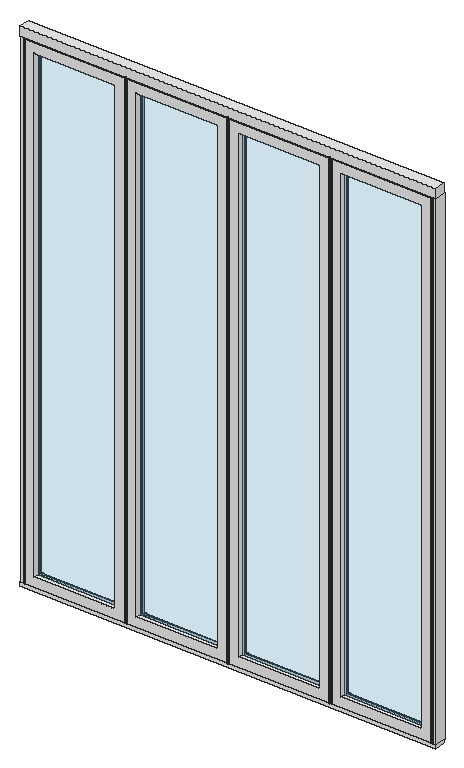
Revit family "98134", category Windows, host Wall, Revit 2018 (continued)
Definition of nested family "Sill_SL-70"
  Definition of nested family "Detail Item_Sill_SL-70"
    Lines and regions (mm)
      model lines, in view "Ref. Level", visible <- "Half"
        curve 925: line (14.131, 89.5, 0) -> (14.131, 90.6, 0)
        curve 926: line (14.131, 90.6, 0) -> (14.131, 89.5, 0)
        curve 927: line (15.131, 89.7, 0) -> (15.131, 90.9, 0)
        curve 928: line (15.131, 90.9, 0) -> (15.131, 89.7, 0)
        curve 929: line (15.131, 89.7, 0) -> (15.131, 90.9, 0)
        curve 930: line (15.131, 90.9, 0) -> (15.131, 89.7, 0)
        curve 931: line (15.131, 90.9, 0) -> (14.431, 90.9, 0)
        curve 932: line (14.431, 90.9, 0) -> (15.131, 90.9, 0)
        curve 933: line (15.131, 90.9, 0) -> (14.431, 90.9, 0)
        curve 934: line (14.431, 90.9, 0) -> (15.131, 90.9, 0)
        curve 935: line (15.131, 98, 0) -> (15.131, 99.1, 0)
        curve 936: line (15.131, 99.1, 0) -> (15.131, 98, 0)
        curve 937: line (15.131, 98, 0) -> (15.131, 99.1, 0)
        curve 938: line (15.131, 99.1, 0) -> (17.131, 99.1, 0)
        curve 939: line (17.131, 99.1, 0) -> (15.131, 99.1, 0)
        curve 940: line (15.131, 99.1, 0) -> (17.131, 99.1, 0)
        curve 941: line (17.131, 99.1, 0) -> (15.131, 99.1, 0)
        curve 942: line (15.131, 99.1, 0) -> (15.131, 98, 0)
        curve 943: line (15.131, 98, 0) -> (14.431, 98, 0)
        curve 944: line (14.431, 98, 0) -> (15.131, 98, 0)
        curve 945: line (15.131, 98, 0) -> (14.431, 98, 0)
        curve 946: line (14.431, 98, 0) -> (15.131, 98, 0)
        curve 947: line (24.131, 99.1, 0) -> (18.331, 99.1, 0)
        curve 948: line (18.331, 99.1, 0) -> (18.331, 89.7, 0)
        curve 949: line (18.331, 89.7, 0) -> (18.331, 99.1, 0)
        curve 950: line (18.331, 99.1, 0) -> (18.331, 89.7, 0)
        curve 951: line (18.331, 89.7, 0) -> (18.331, 99.1, 0)
        curve 952: line (18.331, 99.1, 0) -> (24.131, 99.1, 0)
        curve 953: line (24.131, 99.1, 0) -> (18.331, 99.1, 0)
        curve 954: line (18.331, 99.1, 0) -> (24.131, 99.1, 0)
        curve 955: line (35.731, 99.1, 0) -> (25.331, 99.1, 0)
        curve 956: line (25.331, 99.1, 0) -> (25.331, 77.7, 0)
        curve 957: line (25.331, 77.7, 0) -> (25.331, 99.1, 0)
        curve 958: line (25.331, 99.1, 0) -> (25.331, 77.7, 0)
        curve 959: line (25.331, 77.7, 0) -> (25.331, 99.1, 0)
        curve 960: line (25.331, 99.1, 0) -> (35.731, 99.1, 0)
        curve 961: line (35.731, 99.1, 0) -> (25.331, 99.1, 0)
        curve 962: line (25.331, 99.1, 0) -> (35.731, 99.1, 0)
        curve 963: line (24.131, 82.707, 0) -> (24.131, 99.1, 0)
        curve 964: line (24.131, 99.1, 0) -> (24.131, 82.707, 0)
        curve 965: line (24.131, 82.707, 0) -> (24.131, 99.1, 0)
        curve 966: line (24.131, 99.1, 0) -> (24.131, 82.707, 0)
        curve 967: line (32.331, 82.1, 0) -> (35.731, 82.1, 0)
        curve 968: line (35.731, 82.1, 0) -> (35.731, 99.1, 0)
        curve 969: line (35.731, 99.1, 0) -> (35.731, 82.1, 0)
        curve 970: line (35.731, 82.1, 0) -> (35.731, 99.1, 0)
        curve 971: line (35.731, 99.1, 0) -> (35.731, 82.1, 0)
        curve 972: line (35.731, 82.1, 0) -> (32.331, 82.1, 0)
        curve 973: line (32.331, 82.1, 0) -> (35.731, 82.1, 0)
        curve 974: line (35.731, 82.1, 0) -> (32.331, 82.1, 0)
        curve 975: line (35.931, 80.5, 0) -> (35.931, 80.9, 0)
        curve 976: line (35.931, 80.9, 0) -> (32.131, 80.9, 0)
        curve 977: line (32.131, 80.9, 0) -> (35.931, 80.9, 0)
        curve 978: line (35.931, 80.9, 0) -> (32.131, 80.9, 0)
        curve 979: line (32.131, 80.9, 0) -> (35.931, 80.9, 0)
        curve 980: line (35.931, 80.9, 0) -> (35.931, 80.5, 0)
        curve 981: line (35.931, 80.5, 0) -> (35.931, 80.9, 0)
        curve 982: line (35.931, 80.9, 0) -> (35.931, 80.5, 0)
        curve 983: line (23.806, 77.45, 0) -> (23.171, 78.55, 0)
        curve 984: line (23.171, 78.55, 0) -> (23.806, 77.45, 0)
        curve 985: line (23.806, 77.45, 0) -> (23.171, 78.55, 0)
        curve 986: line (23.171, 78.55, 0) -> (23.806, 77.45, 0)
        curve 987: line (24.831, 77.2, 0) -> (24.239, 77.2, 0)
        curve 988: line (24.239, 77.2, 0) -> (24.831, 77.2, 0)
        curve 989: line (24.831, 77.2, 0) -> (24.239, 77.2, 0)
        curve 990: line (24.239, 77.2, 0) -> (24.831, 77.2, 0)
        curve 991: line (23.431, 79, 0) -> (23.831, 79, 0)
        curve 992: line (23.831, 79, 0) -> (23.431, 79, 0)
        curve 993: line (23.431, 79, 0) -> (23.831, 79, 0)
        curve 994: line (23.831, 79, 0) -> (23.431, 79, 0)
        curve 995: line (23.831, 78.7, 0) -> (24.331, 78.7, 0)
        curve 996: line (24.331, 78.7, 0) -> (24.331, 80.9, 0)
        curve 997: line (24.331, 80.9, 0) -> (24.331, 78.7, 0)
        curve 998: line (24.331, 78.7, 0) -> (24.331, 80.9, 0)
        curve 999: line (24.331, 80.9, 0) -> (23.531, 80.9, 0)
        curve 1000: line (23.531, 80.9, 0) -> (24.331, 80.9, 0)
        curve 1001: line (24.331, 80.9, 0) -> (23.531, 80.9, 0)
        curve 1002: line (23.531, 80.9, 0) -> (24.331, 80.9, 0)
        curve 1003: line (24.331, 80.9, 0) -> (24.331, 78.7, 0)
        curve 1004: line (24.331, 78.7, 0) -> (23.831, 78.7, 0)
        curve 1005: line (23.831, 78.7, 0) -> (24.331, 78.7, 0)
        curve 1006: line (24.331, 78.7, 0) -> (23.831, 78.7, 0)
        curve 1007: line (23.531, 80.9, 0) -> (23.531, 81.693, 0)
        curve 1008: line (23.531, 81.693, 0) -> (23.531, 80.9, 0)
        curve 1009: line (23.531, 80.9, 0) -> (23.531, 81.693, 0)
        curve 1010: line (23.531, 81.693, 0) -> (23.531, 80.9, 0)
        curve 1011: line (23.831, 79, 0) -> (23.831, 78.7, 0)
        curve 1012: line (23.831, 78.7, 0) -> (23.831, 79, 0)
        curve 1013: line (23.831, 79, 0) -> (23.831, 78.7, 0)
        curve 1014: line (23.831, 78.7, 0) -> (23.831, 79, 0)
        curve 1015: line (31.131, 77.6, 0) -> (31.131, 80.9, 0)
        curve 1016: line (31.131, 80.9, 0) -> (31.131, 77.6, 0)
        curve 1017: line (31.131, 77.6, 0) -> (31.131, 80.9, 0)
        curve 1018: line (31.131, 80.9, 0) -> (31.131, 77.6, 0)
        curve 1019: line (32.389, 77.893, 0) -> (31.814, 77.317, 0)
        curve 1020: line (31.814, 77.317, 0) -> (32.389, 77.893, 0)
        curve 1021: line (32.389, 77.893, 0) -> (31.814, 77.317, 0)
        curve 1022: line (31.814, 77.317, 0) -> (32.389, 77.893, 0)
        curve 1023: line (32.131, 80.9, 0) -> (32.131, 78.434, 0)
        curve 1024: line (32.131, 78.434, 0) -> (32.131, 80.9, 0)
        curve 1025: line (32.131, 80.9, 0) -> (32.131, 78.434, 0)
        curve 1026: line (32.131, 78.434, 0) -> (32.131, 80.9, 0)
        curve 1027: line (32.131, 78.434, 0) -> (32.389, 78.176, 0)
        curve 1028: line (32.389, 78.176, 0) -> (32.131, 78.434, 0)
        curve 1029: line (32.131, 78.434, 0) -> (32.389, 78.176, 0)
        curve 1030: line (32.389, 78.176, 0) -> (32.131, 78.434, 0)
        curve 1031: line (23.677, 82.046, 0) -> (23.984, 82.354, 0)
        curve 1032: line (23.984, 82.354, 0) -> (23.677, 82.046, 0)
        curve 1033: line (23.677, 82.046, 0) -> (23.984, 82.354, 0)
        curve 1034: line (23.984, 82.354, 0) -> (23.677, 82.046, 0)
        curve 1035: line (22.893, 48.604, 0) -> (35.311, 48.604, 0)
        curve 1036: line (35.311, 48.604, 0) -> (35.311, 61.856, 0)
        curve 1037: line (34.322, 61.856, 0) -> (33.632, 62.192, 0)
        curve 1038: line (33.632, 62.192, 0) -> (33.323, 62.89, 0)
        curve 1039: line (33.323, 62.89, 0) -> (33.323, 63.611, 0)
        curve 1040: line (33.323, 63.611, 0) -> (35.284, 63.63, 0)
        curve 1041: line (35.284, 63.63, 0) -> (35.284, 73.872, 0)
        curve 1042: line (35.284, 73.872, 0) -> (9.565, 73.872, 0)
        curve 1043: line (9.565, 73.872, 0) -> (9.565, 63.644, 0)
        curve 1044: line (9.565, 63.644, 0) -> (16.139, 63.644, 0)
        curve 1045: line (22.893, 48.604, 0) -> (22.893, 55.588, 0)
        curve 1046: line (17.84, 57.304, 0) -> (21.163, 57.304, 0)
        curve 1047: line (17.84, 57.304, 0) -> (17.84, 61.938, 0)
        curve 1048: line (7.617, 65.207, 0) -> (7.617, 71.568, 0)
        curve 1049: line (7.617, 71.568, 0) -> (7.475, 71.955, 0)
        curve 1050: line (7.475, 71.955, 0) -> (7.126, 72.097, 0)
        curve 1051: line (7.126, 72.097, 0) -> (6.8, 72.093, 0)
        curve 1052: line (6.8, 72.093, 0) -> (5.995, 72.327, 0)
        curve 1053: line (5.995, 72.327, 0) -> (5.347, 72.966, 0)
        curve 1054: line (5.347, 72.966, 0) -> (5.131, 73.809, 0)
        curve 1055: line (5.131, 73.809, 0) -> (5.137, 74.877, 0)
        curve 1056: line (5.226, 75.049, 0) -> (6.884, 74.096, 0)
        curve 1057: line (6.884, 74.096, 0) -> (7.632, 74.101, 0)
        curve 1058: line (7.632, 74.101, 0) -> (7.604, 78.872, 0)
        curve 1059: line (7.604, 78.872, 0) -> (7.248, 78.803, 0)
        curve 1060: line (7.248, 78.803, 0) -> (6.837, 78.401, 0)
        curve 1061: line (6.837, 78.401, 0) -> (5.252, 77.455, 0)
        curve 1062: line (-13.598, 78.904, 0) -> (-13.993, 77.454, 0)
        curve 1063: line (-13.993, 77.454, 0) -> (-15.484, 78.325, 0)
        curve 1064: line (-15.484, 78.325, 0) -> (-15.965, 78.788, 0)
        curve 1065: line (-15.965, 78.788, 0) -> (-16.382, 78.886, 0)
        curve 1066: line (-16.382, 78.886, 0) -> (-16.373, 74.096, 0)
        curve 1067: line (-16.373, 74.096, 0) -> (-15.62, 74.096, 0)
        curve 1068: line (-15.62, 74.096, 0) -> (-13.969, 75.045, 0)
        curve 1069: line (-13.969, 75.045, 0) -> (-13.865, 74.868, 0)
        curve 1070: line (-13.865, 74.868, 0) -> (-13.833, 73.784, 0)
        curve 1071: line (-13.833, 73.784, 0) -> (-14.102, 72.979, 0)
        curve 1072: line (-14.102, 72.979, 0) -> (-14.756, 72.29, 0)
        curve 1073: line (-14.756, 72.29, 0) -> (-15.575, 72.097, 0)
        curve 1074: line (-16.358, 71.593, 0) -> (-16.358, 64.489, 0)
        curve 1075: line (-18.427, 73.851, 0) -> (-31.063, 73.851, 0)
        curve 1076: line (-31.063, 73.851, 0) -> (-31.063, 63.67, 0)
        curve 1077: line (-31.063, 63.67, 0) -> (-18.427, 63.67, 0)
        curve 1078: line (-18.427, 63.67, 0) -> (-18.427, 73.851, 0)
      model lines, in view "Ref. Level"
        curve 3: arc (-16.092, 44.068, 0) -> (-16.369, 40, 0) -> (-16.092, 35.932, 0) r 30
        curve 4: arc (3.354, 35.932, 0) -> (3.631, 40, 0) -> (3.354, 44.068, 0) r 30
        curve 5: arc (2.858, 35.5, 0) -> (3.187, 35.623, 0) -> (3.354, 35.932, 0) r 0.5
        curve 6: arc (-16.092, 35.932, 0) -> (-15.926, 35.623, 0) -> (-15.597, 35.5, 0) r 0.5
        curve 7: arc (3.354, 44.068, 0) -> (3.187, 44.377, 0) -> (2.858, 44.5, 0) r 0.5
        curve 11: arc (-15.597, 44.5, 0) -> (-15.926, 44.377, 0) -> (-16.092, 44.068, 0) r 0.5
        curve 31: line (2.858, 35.5, 0) -> (-15.597, 35.5, 0)
        curve 32: line (2.858, 44.5, 0) -> (-15.597, 44.5, 0)
        curve 40: arc (26.381, 34, 0) -> (26.027, 33.854, 0) -> (25.881, 33.5, 0) r 0.5
        curve 41: arc (30.881, 33.5, 0) -> (30.734, 33.854, 0) -> (30.381, 34, 0) r 0.5
        curve 42: arc (-25.169, 16.528, 0) -> (-24.861, 16.066, 0) -> (-24.316, 16.175, 0) r 0.5
        curve 43: arc (-21.809, 16.561, 0) -> (-22.869, 17, 0) -> (-23.93, 16.561, 0) r 1.5
        curve 44: arc (-19.569, 10.7, 0) -> (-18.869, 10, 0) -> (-18.169, 10.7, 0) r 0.7
        curve 45: arc (-25.169, 21.7, 0) -> (-24.045, 22.101, 0) -> (-23.569, 23.197, 0) r 1.5
        curve 46: arc (-21.554, 40, 0) -> (-21.753, 39.925, 0) -> (-21.852, 39.737, 0) r 0.3
        curve 47: arc (-19.886, 39.737, 0) -> (-19.986, 39.925, 0) -> (-20.184, 40, 0) r 0.3
        curve 48: arc (-16.369, 45.1, 0) -> (-17.269, 46, 0) -> (-18.169, 45.1, 0) r 0.9
        curve 49: arc (-12.797, 24.371, 0) -> (-12.883, 24.804, 0) -> (-13.28, 25, 0) r 0.5
        curve 50: arc (-13.669, 22.088, 0) -> (-13.493, 22.076, 0) -> (-13.376, 22.209, 0) r 0.2
        curve 51: arc (-16.069, 23.473, 0) -> (-16.269, 23.473, 0) -> (-16.369, 23.3, 0) r 0.2
        curve 52: arc (-16.369, 18.7, 0) -> (-16.269, 18.527, 0) -> (-16.069, 18.527, 0) r 0.2
        curve 53: arc (-13.369, 19.739, 0) -> (-13.469, 19.912, 0) -> (-13.669, 19.912, 0) r 0.2
        curve 54: arc (-13.869, 17.488, 0) -> (-13.503, 17.854, 0) -> (-13.369, 18.354, 0) r 1
        curve 55: arc (-13.369, 7.446, 0) -> (-13.503, 7.946, 0) -> (-13.869, 8.312, 0) r 1
        curve 56: arc (-13.669, 5.888, 0) -> (-13.469, 5.888, 0) -> (-13.369, 6.061, 0) r 0.2
        curve 57: arc (-16.069, 7.273, 0) -> (-16.269, 7.273, 0) -> (-16.369, 7.1, 0) r 0.2
        curve 58: arc (-16.369, 2.5, 0) -> (-16.269, 2.327, 0) -> (-16.069, 2.327, 0) r 0.2
        curve 59: arc (-13.376, 3.591, 0) -> (-13.493, 3.724, 0) -> (-13.669, 3.712, 0) r 0.2
        curve 60: arc (-13.28, 0.8, 0) -> (-12.883, 0.996, 0) -> (-12.797, 1.429, 0) r 0.5
        curve 61: arc (-17.169, 0, 0) -> (-16.604, 0.234, 0) -> (-16.369, 0.8, 0) r 0.8
        curve 62: arc (-21.811, 11.724, 0) -> (-21.869, 11.583, 0) -> (-21.811, 11.441, 0) r 0.2
        curve 63: arc (-23.928, 11.441, 0) -> (-23.869, 11.583, 0) -> (-23.928, 11.724, 0) r 0.2
        curve 64: arc (-37.869, 65, 0) -> (-41.405, 63.536, 0) -> (-42.869, 60, 0) r 5
        curve 65: arc (-34.869, 62.8, 0) -> (-34.516, 62.946, 0) -> (-34.369, 63.3, 0) r 0.5
        curve 66: arc (-34.369, 59.2, 0) -> (-34.516, 59.554, 0) -> (-34.869, 59.7, 0) r 0.5
        curve 67: arc (-35.369, 57.5, 0) -> (-34.662, 57.793, 0) -> (-34.369, 58.5, 0) r 1
        curve 68: arc (-38.169, 59, 0) -> (-37.73, 57.939, 0) -> (-36.669, 57.5, 0) r 1.5
        curve 69: arc (-38.169, 62.985, 0) -> (-40.094, 62.012, 0) -> (-40.869, 60, 0) r 3
        curve 70: arc (-39.169, 48.7, 0) -> (-38.109, 49.139, 0) -> (-37.669, 50.2, 0) r 1.5
        curve 71: arc (-24.369, 49, 0) -> (-25.076, 48.707, 0) -> (-25.369, 48, 0) r 1
        curve 72: arc (-23.369, 48.7, 0) -> (-23.457, 48.912, 0) -> (-23.669, 49, 0) r 0.3
        curve 73: arc (-23.569, 47.8, 0) -> (-23.424, 47.91, 0) -> (-23.369, 48.083, 0) r 0.3
        curve 74: arc (7.446, 40, 0) -> (7.247, 39.925, 0) -> (7.148, 39.737, 0) r 0.3
        curve 76: arc (0.541, 25, 0) -> (0.145, 24.804, 0) -> (0.058, 24.371, 0) r 0.5
        curve 77: arc (0.638, 22.209, 0) -> (0.754, 22.076, 0) -> (0.931, 22.088, 0) r 0.2
        curve 78: arc (3.631, 23.3, 0) -> (3.531, 23.473, 0) -> (3.331, 23.473, 0) r 0.2
        curve 79: arc (3.331, 18.527, 0) -> (3.531, 18.527, 0) -> (3.631, 18.7, 0) r 0.2
        curve 80: arc (0.931, 19.912, 0) -> (0.731, 19.912, 0) -> (0.631, 19.739, 0) r 0.2
        curve 81: arc (0.631, 18.354, 0) -> (0.765, 17.854, 0) -> (1.131, 17.488, 0) r 1
        curve 82: arc (1.131, 8.312, 0) -> (0.765, 7.946, 0) -> (0.631, 7.446, 0) r 1
        curve 83: arc (0.631, 6.061, 0) -> (0.731, 5.888, 0) -> (0.931, 5.888, 0) r 0.2
        curve 84: arc (3.631, 7.1, 0) -> (3.531, 7.273, 0) -> (3.331, 7.273, 0) r 0.2
        curve 85: arc (3.331, 2.327, 0) -> (3.531, 2.327, 0) -> (3.631, 2.5, 0) r 0.2
        curve 86: arc (0.931, 3.712, 0) -> (0.754, 3.724, 0) -> (0.638, 3.591, 0) r 0.2
        curve 87: arc (0.058, 1.429, 0) -> (0.145, 0.996, 0) -> (0.541, 0.8, 0) r 0.5
        curve 88: arc (3.631, 0.8, 0) -> (3.865, 0.234, 0) -> (4.431, 0, 0) r 0.8
        curve 89: arc (12.631, 48, 0) -> (12.338, 48.707, 0) -> (11.631, 49, 0) r 1
        curve 90: arc (10.931, 49, 0) -> (10.719, 48.912, 0) -> (10.631, 48.7, 0) r 0.3
        curve 91: arc (10.631, 48.083, 0) -> (10.686, 47.91, 0) -> (10.831, 47.8, 0) r 0.3
        curve 92: arc (9.114, 39.737, 0) -> (9.014, 39.925, 0) -> (8.816, 40, 0) r 0.3
        curve 93: arc (-13, 3.55, 0) -> (-13.183, 3.733, 0) -> (-13.433, 3.8, 0) r 0.5
        curve 94: arc (0.695, 3.8, 0) -> (0.445, 3.733, 0) -> (0.262, 3.55, 0) r 0.5
        curve 95: arc (-10.503, 3.025, 0) -> (-10.137, 2.659, 0) -> (-9.637, 2.525, 0) r 1
        curve 96: arc (-3.101, 2.525, 0) -> (-2.601, 2.659, 0) -> (-2.235, 3.025, 0) r 1
        curve 97: arc (3.431, 2.675, 0) -> (3.572, 2.734, 0) -> (3.631, 2.875, 0) r 0.2
        curve 98: arc (3.631, 6.725, 0) -> (3.572, 6.866, 0) -> (3.431, 6.925, 0) r 0.2
        curve 99: arc (-0.056, 5.8, 0) -> (-0.556, 5.666, 0) -> (-0.922, 5.3, 0) r 1
        curve 100: arc (-11.817, 5.3, 0) -> (-12.183, 5.666, 0) -> (-12.683, 5.8, 0) r 1
        curve 101: arc (-16.169, 6.925, 0) -> (-16.311, 6.866, 0) -> (-16.369, 6.725, 0) r 0.2
        curve 102: arc (-16.369, 2.875, 0) -> (-16.311, 2.734, 0) -> (-16.169, 2.675, 0) r 0.2
        curve 103: arc (-1.658, 0.725, 0) -> (-1.408, 0.792, 0) -> (-1.225, 0.975, 0) r 0.5
        curve 104: arc (-11.514, 0.975, 0) -> (-11.331, 0.792, 0) -> (-11.081, 0.725, 0) r 0.5
        curve 105: arc (0.262, 22.25, 0) -> (0.445, 22.067, 0) -> (0.695, 22, 0) r 0.5
        curve 106: arc (-13.433, 22, 0) -> (-13.183, 22.067, 0) -> (-13, 22.25, 0) r 0.5
        curve 107: arc (-2.235, 22.775, 0) -> (-2.601, 23.141, 0) -> (-3.101, 23.275, 0) r 1
        curve 108: arc (-9.637, 23.275, 0) -> (-10.137, 23.141, 0) -> (-10.503, 22.775, 0) r 1
        curve 109: arc (-16.169, 23.125, 0) -> (-16.311, 23.066, 0) -> (-16.369, 22.925, 0) r 0.2
        curve 110: arc (-16.369, 19.075, 0) -> (-16.311, 18.934, 0) -> (-16.169, 18.875, 0) r 0.2
        curve 111: arc (-12.683, 20, 0) -> (-12.183, 20.134, 0) -> (-11.817, 20.5, 0) r 1
        curve 112: arc (-0.922, 20.5, 0) -> (-0.556, 20.134, 0) -> (-0.056, 20, 0) r 1
        curve 113: arc (3.431, 18.875, 0) -> (3.572, 18.934, 0) -> (3.631, 19.075, 0) r 0.2
        curve 114: arc (3.631, 22.925, 0) -> (3.572, 23.066, 0) -> (3.431, 23.125, 0) r 0.2
        curve 115: arc (-11.081, 25.075, 0) -> (-11.331, 25.008, 0) -> (-11.514, 24.825, 0) r 0.5
        curve 116: arc (-1.225, 24.825, 0) -> (-1.408, 25.008, 0) -> (-1.658, 25.075, 0) r 0.5
        curve 141: arc (12.631, 48, 0) -> (12.338, 48.707, 0) -> (11.631, 49, 0) r 1
        curve 142: arc (10.931, 49, 0) -> (10.719, 48.912, 0) -> (10.631, 48.7, 0) r 0.3
        curve 143: arc (10.631, 48.083, 0) -> (10.686, 47.91, 0) -> (10.831, 47.8, 0) r 0.3
        curve 178: arc (-13, 3.55, 0) -> (-13.183, 3.733, 0) -> (-13.433, 3.8, 0) r 0.5
        curve 179: arc (0.695, 3.8, 0) -> (0.445, 3.733, 0) -> (0.262, 3.55, 0) r 0.5
        curve 180: arc (-10.503, 3.025, 0) -> (-10.137, 2.659, 0) -> (-9.637, 2.525, 0) r 1
        curve 181: arc (-3.101, 2.525, 0) -> (-2.601, 2.659, 0) -> (-2.235, 3.025, 0) r 1
        curve 182: arc (3.431, 2.675, 0) -> (3.572, 2.734, 0) -> (3.631, 2.875, 0) r 0.2
        curve 183: arc (3.631, 6.725, 0) -> (3.572, 6.866, 0) -> (3.431, 6.925, 0) r 0.2
        curve 184: arc (-0.056, 5.8, 0) -> (-0.556, 5.666, 0) -> (-0.922, 5.3, 0) r 1
        curve 185: arc (-11.817, 5.3, 0) -> (-12.183, 5.666, 0) -> (-12.683, 5.8, 0) r 1
        curve 186: arc (-16.169, 6.925, 0) -> (-16.311, 6.866, 0) -> (-16.369, 6.725, 0) r 0.2
        curve 187: arc (-16.369, 2.875, 0) -> (-16.311, 2.734, 0) -> (-16.169, 2.675, 0) r 0.2
        curve 188: arc (-1.658, 0.725, 0) -> (-1.408, 0.792, 0) -> (-1.225, 0.975, 0) r 0.5
        curve 189: arc (-11.514, 0.975, 0) -> (-11.331, 0.792, 0) -> (-11.081, 0.725, 0) r 0.5
        curve 190: arc (0.262, 22.25, 0) -> (0.445, 22.067, 0) -> (0.695, 22, 0) r 0.5
        curve 191: arc (-13.433, 22, 0) -> (-13.183, 22.067, 0) -> (-13, 22.25, 0) r 0.5
        curve 192: arc (-2.235, 22.775, 0) -> (-2.601, 23.141, 0) -> (-3.101, 23.275, 0) r 1
        curve 193: arc (-9.637, 23.275, 0) -> (-10.137, 23.141, 0) -> (-10.503, 22.775, 0) r 1
        curve 194: arc (-16.169, 23.125, 0) -> (-16.311, 23.066, 0) -> (-16.369, 22.925, 0) r 0.2
        curve 195: arc (-16.369, 19.075, 0) -> (-16.311, 18.934, 0) -> (-16.169, 18.875, 0) r 0.2
        curve 196: arc (-12.683, 20, 0) -> (-12.183, 20.134, 0) -> (-11.817, 20.5, 0) r 1
        curve 197: arc (-0.922, 20.5, 0) -> (-0.556, 20.134, 0) -> (-0.056, 20, 0) r 1
        curve 198: arc (3.431, 18.875, 0) -> (3.572, 18.934, 0) -> (3.631, 19.075, 0) r 0.2
        curve 199: arc (3.631, 22.925, 0) -> (3.572, 23.066, 0) -> (3.431, 23.125, 0) r 0.2
        curve 200: arc (-11.081, 25.075, 0) -> (-11.331, 25.008, 0) -> (-11.514, 24.825, 0) r 0.5
        curve 201: arc (-1.225, 24.825, 0) -> (-1.408, 25.008, 0) -> (-1.658, 25.075, 0) r 0.5
        curve 202: arc (20.931, 23.2, 0) -> (19.87, 22.761, 0) -> (19.431, 21.7, 0) r 1.5
        curve 203: arc (22.931, 22.2, 0) -> (22.638, 22.907, 0) -> (21.931, 23.2, 0) r 1
        curve 204: arc (34.131, 23.2, 0) -> (33.424, 22.907, 0) -> (33.131, 22.2, 0) r 1
        curve 205: arc (20.831, 30, 0) -> (21.358, 28.727, 0) -> (22.631, 28.2, 0) r 1.8
        curve 206: arc (10.831, 35, 0) -> (11.358, 33.727, 0) -> (12.631, 33.2, 0) r 1.8
        curve 207: arc (18.191, 16.561, 0) -> (17.131, 17, 0) -> (16.07, 16.561, 0) r 1.5
        curve 208: arc (18.577, 16.175, 0) -> (19.122, 16.066, 0) -> (19.431, 16.528, 0) r 0.5
        curve 209: arc (9.114, 39.737, 0) -> (9.014, 39.925, 0) -> (8.816, 40, 0) r 0.3
        curve 210: arc (7.446, 40, 0) -> (7.247, 39.925, 0) -> (7.148, 39.737, 0) r 0.3
        curve 211: arc (5.431, 45.1, 0) -> (4.531, 46, 0) -> (3.631, 45.1, 0) r 0.9
        curve 212: arc (0.541, 25, 0) -> (0.145, 24.804, 0) -> (0.058, 24.371, 0) r 0.5
        curve 213: arc (0.638, 22.209, 0) -> (0.754, 22.076, 0) -> (0.931, 22.088, 0) r 0.2
        curve 214: arc (3.631, 23.3, 0) -> (3.531, 23.473, 0) -> (3.331, 23.473, 0) r 0.2
        curve 215: arc (3.331, 18.527, 0) -> (3.531, 18.527, 0) -> (3.631, 18.7, 0) r 0.2
        curve 216: arc (0.931, 19.912, 0) -> (0.731, 19.912, 0) -> (0.631, 19.739, 0) r 0.2
        curve 217: arc (0.631, 18.354, 0) -> (0.765, 17.854, 0) -> (1.131, 17.488, 0) r 1
        curve 218: arc (1.131, 8.312, 0) -> (0.765, 7.946, 0) -> (0.631, 7.446, 0) r 1
        curve 219: arc (0.631, 6.061, 0) -> (0.731, 5.888, 0) -> (0.931, 5.888, 0) r 0.2
        curve 220: arc (3.631, 7.1, 0) -> (3.531, 7.273, 0) -> (3.331, 7.273, 0) r 0.2
        curve 221: arc (3.331, 2.327, 0) -> (3.531, 2.327, 0) -> (3.631, 2.5, 0) r 0.2
        curve 222: arc (0.931, 3.712, 0) -> (0.754, 3.724, 0) -> (0.638, 3.591, 0) r 0.2
        curve 223: arc (0.058, 1.429, 0) -> (0.145, 0.996, 0) -> (0.541, 0.8, 0) r 0.5
        curve 224: arc (3.631, 0.8, 0) -> (3.865, 0.234, 0) -> (4.431, 0, 0) r 0.8
        curve 225: arc (16.072, 11.441, 0) -> (16.131, 11.583, 0) -> (16.072, 11.724, 0) r 0.2
        curve 226: arc (18.189, 11.724, 0) -> (18.131, 11.583, 0) -> (18.189, 11.441, 0) r 0.2
        curve 227: arc (12.631, 48, 0) -> (12.338, 48.707, 0) -> (11.631, 49, 0) r 1
        curve 228: arc (10.931, 49, 0) -> (10.719, 48.912, 0) -> (10.631, 48.7, 0) r 0.3
        curve 229: arc (10.631, 48.083, 0) -> (10.686, 47.91, 0) -> (10.831, 47.8, 0) r 0.3
        curve 230: arc (10.631, 48.083, 0) -> (10.686, 47.91, 0) -> (10.831, 47.8, 0) r 0.3
        curve 231: arc (10.931, 49, 0) -> (10.719, 48.912, 0) -> (10.631, 48.7, 0) r 0.3
        curve 232: arc (12.631, 48, 0) -> (12.338, 48.707, 0) -> (11.631, 49, 0) r 1
        curve 322: line (32.881, 33.5, 0) -> (31.971, 31, 0)
        curve 323: line (31.971, 31, 0) -> (24.791, 31, 0)
        curve 324: line (24.791, 31, 0) -> (23.881, 33.5, 0)
        curve 325: line (23.881, 33.5, 0) -> (24.713, 33.5, 0)
        curve 326: line (24.713, 33.5, 0) -> (24.311, 35, 0)
        curve 327: line (24.311, 35, 0) -> (32.451, 35, 0)
        curve 328: line (32.451, 35, 0) -> (32.049, 33.5, 0)
        curve 329: line (32.049, 33.5, 0) -> (32.881, 33.5, 0)
        curve 330: line (30.881, 33.5, 0) -> (30.881, 32, 0)
        curve 331: line (30.881, 32, 0) -> (25.881, 32, 0)
        curve 332: line (25.881, 32, 0) -> (25.881, 33.5, 0)
        curve 333: line (26.381, 34, 0) -> (30.381, 34, 0)
        curve 344: line (-13.28, 0.8, 0) -> (-16.369, 0.8, 0)
        curve 345: line (-17.169, 0, 0) -> (-19.769, 0, 0)
        curve 346: line (-19.769, 0, 0) -> (-21.069, 1.3, 0)
        curve 347: line (-21.069, 1.3, 0) -> (-21.069, 2.254, 0)
        curve 348: line (-21.069, 2.254, 0) -> (-20.469, 2.6, 0)
        curve 349: line (-20.469, 2.6, 0) -> (-21.069, 2.946, 0)
        curve 350: line (-21.069, 2.946, 0) -> (-21.069, 3.854, 0)
        curve 351: line (-21.069, 3.854, 0) -> (-20.469, 4.2, 0)
        curve 352: line (-26.669, 21.7, 0) -> (-40.869, 21.7, 0)
        curve 353: line (-40.869, 21.7, 0) -> (-40.869, 6.8, 0)
        curve 354: line (-40.869, 6.8, 0) -> (-26.669, 6.8, 0)
        curve 355: line (-26.669, 6.8, 0) -> (-26.669, 21.7, 0)
        curve 356: line (-20.469, 4.2, 0) -> (-21.069, 4.546, 0)
        curve 357: line (-21.069, 4.546, 0) -> (-21.069, 5.454, 0)
        curve 358: line (-21.069, 5.454, 0) -> (-20.469, 5.8, 0)
        curve 359: line (-20.469, 5.8, 0) -> (-21.069, 6.146, 0)
        curve 360: line (-21.069, 6.146, 0) -> (-21.069, 7.054, 0)
        curve 361: line (-21.069, 7.054, 0) -> (-20.469, 7.4, 0)
        curve 362: line (-20.469, 7.4, 0) -> (-21.069, 7.746, 0)
        curve 363: line (-21.069, 7.746, 0) -> (-21.069, 8.654, 0)
        curve 364: line (-21.069, 8.654, 0) -> (-20.469, 9, 0)
        curve 365: line (-20.469, 9, 0) -> (-21.069, 9.346, 0)
        curve 366: line (-21.069, 9.346, 0) -> (-21.069, 10.7, 0)
        curve 367: line (-13.669, 5.888, 0) -> (-16.069, 7.273, 0)
        curve 368: line (-13.869, 17.488, 0) -> (-16.369, 16.044, 0)
        curve 369: line (-16.369, 16.044, 0) -> (-16.369, 9.756, 0)
        curve 370: line (-16.369, 9.756, 0) -> (-13.869, 8.312, 0)
        curve 371: line (-21.069, 10.7, 0) -> (-21.811, 11.441, 0)
        curve 372: line (-21.811, 11.724, 0) -> (-21.069, 12.466, 0)
        curve 373: line (-21.069, 12.466, 0) -> (-21.069, 13.7, 0)
        curve 374: line (-21.069, 13.7, 0) -> (-22.869, 15.5, 0)
        curve 375: line (-22.869, 15.5, 0) -> (-24.669, 13.7, 0)
        curve 376: line (-24.669, 13.7, 0) -> (-24.669, 12.466, 0)
        curve 377: line (-24.669, 12.466, 0) -> (-23.928, 11.724, 0)
        curve 378: line (-21.809, 16.561, 0) -> (-19.569, 14.321, 0)
        curve 379: line (-19.569, 14.321, 0) -> (-19.569, 10.7, 0)
        curve 380: line (-42.869, 60, 0) -> (-42.869, 27.963, 0)
        curve 381: line (-42.869, 27.963, 0) -> (-40.869, 27.963, 0)
        curve 382: line (-40.869, 27.963, 0) -> (-40.869, 48.7, 0)
        curve 383: line (-40.869, 48.7, 0) -> (-39.169, 48.7, 0)
        curve 384: line (-40.869, 60, 0) -> (-40.869, 50.2, 0)
        curve 385: line (-40.869, 50.2, 0) -> (-38.669, 50.2, 0)
        curve 386: line (-38.669, 50.2, 0) -> (-38.669, 52.2, 0)
        curve 387: line (-38.669, 52.2, 0) -> (-37.669, 52.2, 0)
        curve 388: line (-38.169, 59, 0) -> (-38.669, 59, 0)
        curve 389: line (-38.669, 59, 0) -> (-38.669, 60.5, 0)
        curve 390: line (-38.669, 60.5, 0) -> (-38.169, 60.5, 0)
        curve 391: line (-38.169, 60.5, 0) -> (-38.169, 62.985, 0)
        curve 392: line (-37.669, 52.2, 0) -> (-37.669, 50.2, 0)
        curve 393: line (-34.869, 62.8, 0) -> (-35.369, 62.8, 0)
        curve 394: line (-35.369, 62.8, 0) -> (-35.369, 64, 0)
        curve 395: line (-35.369, 64, 0) -> (-36.669, 64, 0)
        curve 396: line (-36.669, 64, 0) -> (-36.669, 58.5, 0)
        curve 397: line (-36.669, 58.5, 0) -> (-35.369, 58.5, 0)
        curve 398: line (-35.369, 58.5, 0) -> (-35.369, 59.7, 0)
        curve 399: line (-35.369, 59.7, 0) -> (-34.869, 59.7, 0)
        curve 400: line (-42.869, 27.963, 0) -> (-42.869, 23.2, 0)
        curve 401: line (-42.869, 23.2, 0) -> (-40.869, 23.2, 0)
        curve 402: line (-40.869, 23.2, 0) -> (-30.389, 23.2, 0)
        curve 403: line (-30.389, 23.2, 0) -> (-29.869, 22.9, 0)
        curve 404: line (-29.869, 22.9, 0) -> (-29.35, 23.2, 0)
        curve 405: line (-29.35, 23.2, 0) -> (-25.369, 23.2, 0)
        curve 406: line (-25.369, 23.2, 0) -> (-25.369, 48, 0)
        curve 407: line (-16.369, 45.1, 0) -> (-16.369, 25, 0)
        curve 408: line (-16.369, 25, 0) -> (-13.28, 25, 0)
        curve 409: line (-13.669, 22.088, 0) -> (-16.069, 23.473, 0)
        curve 410: line (-37.869, 65, 0) -> (-34.369, 65, 0)
        curve 411: line (-34.369, 65, 0) -> (-34.369, 63.3, 0)
        curve 412: line (-34.369, 59.2, 0) -> (-34.369, 58.5, 0)
        curve 413: line (-13.376, 3.591, 0) -> (-12.797, 1.429, 0)
        curve 414: line (-25.169, 21.7, 0) -> (-25.169, 16.528, 0)
        curve 415: line (-23.928, 11.441, 0) -> (-24.669, 10.7, 0)
        curve 416: line (-24.669, 10.7, 0) -> (-24.669, 10.146, 0)
        curve 417: line (-24.669, 10.146, 0) -> (-25.269, 9.8, 0)
        curve 418: line (-25.269, 9.8, 0) -> (-24.669, 9.454, 0)
        curve 419: line (-24.669, 9.454, 0) -> (-24.669, 8.546, 0)
        curve 420: line (-24.669, 8.546, 0) -> (-25.269, 8.2, 0)
        curve 421: line (-25.269, 8.2, 0) -> (-24.669, 7.854, 0)
        curve 422: line (-24.669, 7.854, 0) -> (-24.669, 6.946, 0)
        curve 423: line (-24.669, 6.946, 0) -> (-25.269, 6.6, 0)
        curve 424: line (-25.269, 6.6, 0) -> (-24.669, 6.254, 0)
        curve 425: line (-24.669, 6.254, 0) -> (-24.669, 5.346, 0)
        curve 426: line (-24.669, 5.346, 0) -> (-25.269, 5, 0)
        curve 427: line (-25.269, 5, 0) -> (-24.669, 4.654, 0)
        curve 428: line (-24.669, 4.654, 0) -> (-24.669, 3.746, 0)
        curve 429: line (-24.669, 3.746, 0) -> (-25.269, 3.4, 0)
        curve 430: line (-25.269, 3.4, 0) -> (-24.669, 3.054, 0)
        curve 431: line (-24.669, 3.054, 0) -> (-24.669, 2.146, 0)
        curve 432: line (-24.669, 2.146, 0) -> (-25.269, 1.8, 0)
        curve 433: line (-25.269, 1.8, 0) -> (-24.669, 1.454, 0)
        curve 434: line (-24.669, 1.3, 0) -> (-25.969, 0, 0)
        curve 435: line (-25.969, 0, 0) -> (-28.467, 0, 0)
        curve 436: line (-28.467, 0, 0) -> (-28.869, 1.5, 0)
        curve 437: line (-28.869, 1.5, 0) -> (-26.869, 1.5, 0)
        curve 438: line (-26.869, 1.5, 0) -> (-26.869, 5, 0)
        curve 439: line (-26.869, 5, 0) -> (-33.35, 5, 0)
        curve 440: line (-33.35, 5, 0) -> (-33.869, 5.3, 0)
        curve 441: line (-33.869, 5.3, 0) -> (-34.389, 5, 0)
        curve 442: line (-34.389, 5, 0) -> (-40.869, 5, 0)
        curve 443: line (-40.869, 5, 0) -> (-40.869, 1.5, 0)
        curve 444: line (-40.869, 1.5, 0) -> (-38.869, 1.5, 0)
        curve 445: line (-38.869, 1.5, 0) -> (-39.271, 0, 0)
        curve 446: line (-39.271, 0, 0) -> (-42.869, 0, 0)
        curve 447: line (-42.869, 0, 0) -> (-42.869, 23.2, 0)
        curve 448: line (-23.569, 47.8, 0) -> (-23.569, 38, 0)
        curve 449: line (-23.569, 38, 0) -> (-22.069, 38, 0)
        curve 450: line (-22.069, 38, 0) -> (-21.852, 39.737, 0)
        curve 451: line (-18.169, 10.7, 0) -> (-18.169, 36.2, 0)
        curve 452: line (-18.169, 36.2, 0) -> (-23.569, 36.2, 0)
        curve 453: line (-23.569, 36.2, 0) -> (-23.569, 23.197, 0)
        curve 454: line (-23.369, 48.7, 0) -> (-23.369, 48.083, 0)
        curve 455: line (-19.886, 39.737, 0) -> (-19.669, 38, 0)
        curve 456: line (-19.669, 38, 0) -> (-18.169, 38, 0)
        curve 457: line (-18.169, 38, 0) -> (-18.169, 45.1, 0)
        curve 458: line (-16.369, 23.3, 0) -> (-16.369, 18.7, 0)
        curve 459: line (-16.369, 7.1, 0) -> (-16.369, 2.5, 0)
        curve 460: line (-21.554, 40, 0) -> (-20.184, 40, 0)
        curve 461: line (-13.369, 19.739, 0) -> (-13.369, 18.354, 0)
        curve 462: line (-13.369, 7.446, 0) -> (-13.369, 6.061, 0)
        curve 463: line (-24.369, 49, 0) -> (-23.669, 49, 0)
        curve 464: line (-12.797, 24.371, 0) -> (-13.376, 22.209, 0)
        curve 465: line (-35.369, 57.5, 0) -> (-36.669, 57.5, 0)
        curve 466: line (-24.316, 16.175, 0) -> (-23.93, 16.561, 0)
        curve 467: line (-16.069, 18.527, 0) -> (-13.669, 19.912, 0)
        curve 468: line (-16.069, 2.327, 0) -> (-13.669, 3.712, 0)
        curve 469: line (3.631, 0.8, 0) -> (0.541, 0.8, 0)
        curve 470: line (0.541, 0.8, 0) -> (3.631, 0.8, 0)
        curve 471: line (0.931, 3.712, 0) -> (3.331, 2.327, 0)
        curve 472: line (3.331, 2.327, 0) -> (0.931, 3.712, 0)
        curve 473: line (0.541, 25, 0) -> (3.631, 25, 0)
        curve 474: line (3.631, 25, 0) -> (3.631, 45.1, 0)
        curve 475: line (3.631, 45.1, 0) -> (3.631, 25, 0)
        curve 476: line (3.631, 25, 0) -> (0.541, 25, 0)
        curve 477: line (1.131, 8.312, 0) -> (3.631, 9.756, 0)
        curve 478: line (3.631, 9.756, 0) -> (3.631, 16.044, 0)
        curve 479: line (3.631, 16.044, 0) -> (1.131, 17.488, 0)
        curve 480: line (1.131, 17.488, 0) -> (3.631, 16.044, 0)
        curve 481: line (3.631, 16.044, 0) -> (3.631, 9.756, 0)
        curve 482: line (3.631, 9.756, 0) -> (1.131, 8.312, 0)
        curve 483: line (0.931, 19.912, 0) -> (3.331, 18.527, 0)
        curve 484: line (3.331, 18.527, 0) -> (0.931, 19.912, 0)
        curve 485: line (37.131, 0, 0) -> (37.131, 35, 0)
        curve 486: line (37.131, 35, 0) -> (32.533, 35, 0)
        curve 487: line (32.533, 35, 0) -> (32.131, 33.5, 0)
        curve 488: line (32.131, 33.5, 0) -> (35.331, 33.5, 0)
        curve 489: line (35.331, 33.5, 0) -> (35.331, 30, 0)
        curve 490: line (35.331, 30, 0) -> (28.9, 30, 0)
        curve 491: line (28.9, 30, 0) -> (28.381, 29.7, 0)
        curve 492: line (28.381, 29.7, 0) -> (27.861, 30, 0)
        curve 493: line (27.861, 30, 0) -> (22.631, 30, 0)
        curve 494: line (22.631, 30, 0) -> (22.631, 33.5, 0)
        curve 495: line (22.631, 33.5, 0) -> (24.631, 33.5, 0)
        curve 496: line (24.631, 33.5, 0) -> (24.229, 35, 0)
        curve 497: line (24.229, 35, 0) -> (12.631, 35, 0)
        curve 498: line (12.631, 35, 0) -> (12.631, 48, 0)
        curve 499: line (5.431, 45.1, 0) -> (5.431, 38, 0)
        curve 500: line (5.431, 38, 0) -> (6.931, 38, 0)
        curve 501: line (6.931, 38, 0) -> (7.148, 39.737, 0)
        curve 502: line (7.148, 39.737, 0) -> (6.931, 38, 0)
        curve 503: line (6.931, 38, 0) -> (5.431, 38, 0)
        curve 504: line (5.431, 38, 0) -> (5.431, 45.1, 0)
        curve 505: line (9.114, 39.737, 0) -> (9.331, 38, 0)
        curve 506: line (9.331, 38, 0) -> (10.831, 38, 0)
        curve 507: line (10.831, 38, 0) -> (10.831, 47.8, 0)
        curve 508: line (10.831, 47.8, 0) -> (10.831, 38, 0)
        curve 509: line (10.831, 38, 0) -> (9.331, 38, 0)
        curve 510: line (9.331, 38, 0) -> (9.114, 39.737, 0)
        curve 511: line (7.446, 40, 0) -> (8.816, 40, 0)
        curve 512: line (8.816, 40, 0) -> (7.446, 40, 0)
        curve 513: line (11.631, 49, 0) -> (10.931, 49, 0)
        curve 514: line (10.931, 49, 0) -> (11.631, 49, 0)
        curve 515: line (11.631, 49, 0) -> (10.931, 49, 0)
        curve 516: line (10.931, 49, 0) -> (11.631, 49, 0)
        curve 517: line (0.638, 22.209, 0) -> (0.058, 24.371, 0)
        curve 518: line (0.058, 24.371, 0) -> (0.638, 22.209, 0)
        curve 519: line (0.631, 18.354, 0) -> (0.631, 19.739, 0)
        curve 520: line (0.631, 19.739, 0) -> (0.631, 18.354, 0)
        curve 521: line (0.631, 6.061, 0) -> (0.631, 7.446, 0)
        curve 522: line (0.631, 7.446, 0) -> (0.631, 6.061, 0)
        curve 523: line (3.631, 18.7, 0) -> (3.631, 23.3, 0)
        curve 524: line (3.631, 23.3, 0) -> (3.631, 18.7, 0)
        curve 525: line (3.631, 2.5, 0) -> (3.631, 7.1, 0)
        curve 526: line (3.631, 7.1, 0) -> (3.631, 2.5, 0)
        curve 527: line (10.631, 48.7, 0) -> (10.631, 48.083, 0)
        curve 528: line (10.631, 48.083, 0) -> (10.631, 48.7, 0)
        curve 529: line (10.631, 48.7, 0) -> (10.631, 48.083, 0)
        curve 530: line (10.631, 48.083, 0) -> (10.631, 48.7, 0)
        curve 531: line (16.07, 16.561, 0) -> (13.831, 14.321, 0)
        curve 532: line (13.831, 14.321, 0) -> (13.831, 10.212, 0)
        curve 533: line (13.831, 10.212, 0) -> (13.231, 9.866, 0)
        curve 534: line (13.231, 9.866, 0) -> (13.231, 1.8, 0)
        curve 535: line (13.231, 1.8, 0) -> (5.431, 1.8, 0)
        curve 536: line (5.431, 1.8, 0) -> (5.431, 36.2, 0)
        curve 537: line (5.431, 36.2, 0) -> (10.831, 36.2, 0)
        curve 538: line (10.831, 36.2, 0) -> (10.831, 35, 0)
        curve 539: line (10.831, 35, 0) -> (10.831, 36.2, 0)
        curve 540: line (0.058, 1.429, 0) -> (0.638, 3.591, 0)
        curve 541: line (0.638, 3.591, 0) -> (0.058, 1.429, 0)
        curve 542: line (12.631, 33.2, 0) -> (20.831, 33.2, 0)
        curve 543: line (20.831, 33.2, 0) -> (20.831, 30, 0)
        curve 544: line (20.831, 30, 0) -> (20.831, 33.2, 0)
        curve 545: line (3.331, 23.473, 0) -> (0.931, 22.088, 0)
        curve 546: line (0.931, 22.088, 0) -> (3.331, 23.473, 0)
        curve 547: line (3.331, 7.273, 0) -> (0.931, 5.888, 0)
        curve 548: line (0.931, 5.888, 0) -> (3.331, 7.273, 0)
        curve 549: line (-1.658, 0.725, 0) -> (-11.081, 0.725, 0)
        curve 550: line (-11.081, 0.725, 0) -> (-1.658, 0.725, 0)
        curve 551: line (-9.637, 2.525, 0) -> (-3.101, 2.525, 0)
        curve 552: line (-3.101, 2.525, 0) -> (-9.637, 2.525, 0)
        curve 553: line (-13.433, 3.8, 0) -> (-13.681, 3.8, 0)
        curve 554: line (-13.681, 3.8, 0) -> (-15.629, 2.675, 0)
        curve 555: line (-15.629, 2.675, 0) -> (-16.169, 2.675, 0)
        curve 556: line (-16.169, 2.675, 0) -> (-15.629, 2.675, 0)
        curve 557: line (-15.629, 2.675, 0) -> (-13.681, 3.8, 0)
        curve 558: line (-13.681, 3.8, 0) -> (-13.433, 3.8, 0)
        curve 559: line (3.431, 2.675, 0) -> (2.891, 2.675, 0)
        curve 560: line (2.891, 2.675, 0) -> (0.942, 3.8, 0)
        curve 561: line (0.942, 3.8, 0) -> (0.695, 3.8, 0)
        curve 562: line (0.695, 3.8, 0) -> (0.942, 3.8, 0)
        curve 563: line (0.942, 3.8, 0) -> (2.891, 2.675, 0)
        curve 564: line (2.891, 2.675, 0) -> (3.431, 2.675, 0)
        curve 565: line (-0.056, 5.8, 0) -> (0.942, 5.8, 0)
        curve 566: line (0.942, 5.8, 0) -> (-0.056, 5.8, 0)
        curve 567: line (0.942, 5.8, 0) -> (2.891, 6.925, 0)
        curve 568: line (2.891, 6.925, 0) -> (3.431, 6.925, 0)
        curve 569: line (3.431, 6.925, 0) -> (2.891, 6.925, 0)
        curve 570: line (2.891, 6.925, 0) -> (0.942, 5.8, 0)
        curve 571: line (-16.169, 6.925, 0) -> (-15.629, 6.925, 0)
        curve 572: line (-15.629, 6.925, 0) -> (-13.681, 5.8, 0)
        curve 573: line (-13.681, 5.8, 0) -> (-12.683, 5.8, 0)
        curve 574: line (-12.683, 5.8, 0) -> (-13.681, 5.8, 0)
        curve 575: line (-13.681, 5.8, 0) -> (-15.629, 6.925, 0)
        curve 576: line (-15.629, 6.925, 0) -> (-16.169, 6.925, 0)
        curve 577: line (-11.514, 0.975, 0) -> (-13, 3.55, 0)
        curve 578: line (-13, 3.55, 0) -> (-11.514, 0.975, 0)
        curve 579: line (-11.817, 5.3, 0) -> (-10.503, 3.025, 0)
        curve 580: line (-10.503, 3.025, 0) -> (-11.817, 5.3, 0)
        curve 581: line (-16.369, 2.875, 0) -> (-16.369, 6.725, 0)
        curve 582: line (-16.369, 6.725, 0) -> (-16.369, 2.875, 0)
        curve 583: line (3.631, 6.725, 0) -> (3.631, 2.875, 0)
        curve 584: line (3.631, 2.875, 0) -> (3.631, 6.725, 0)
        curve 585: line (-2.235, 3.025, 0) -> (-0.922, 5.3, 0)
        curve 586: line (-0.922, 5.3, 0) -> (-2.235, 3.025, 0)
        curve 587: line (0.262, 3.55, 0) -> (-1.225, 0.975, 0)
        curve 588: line (-1.225, 0.975, 0) -> (0.262, 3.55, 0)
        curve 589: line (-12.683, 20, 0) -> (-13.681, 20, 0)
        curve 590: line (-13.681, 20, 0) -> (-15.629, 18.875, 0)
        curve 591: line (-15.629, 18.875, 0) -> (-16.169, 18.875, 0)
        curve 592: line (-16.169, 18.875, 0) -> (-15.629, 18.875, 0)
        curve 593: line (-15.629, 18.875, 0) -> (-13.681, 20, 0)
        curve 594: line (-13.681, 20, 0) -> (-12.683, 20, 0)
        curve 595: line (3.431, 18.875, 0) -> (2.891, 18.875, 0)
        curve 596: line (2.891, 18.875, 0) -> (0.942, 20, 0)
        curve 597: line (0.942, 20, 0) -> (-0.056, 20, 0)
        curve 598: line (-0.056, 20, 0) -> (0.942, 20, 0)
        curve 599: line (0.942, 20, 0) -> (2.891, 18.875, 0)
        curve 600: line (2.891, 18.875, 0) -> (3.431, 18.875, 0)
        curve 601: line (0.695, 22, 0) -> (0.942, 22, 0)
        curve 602: line (0.942, 22, 0) -> (0.695, 22, 0)
        curve 603: line (-15.629, 23.125, 0) -> (-13.681, 22, 0)
        curve 604: line (-13.681, 22, 0) -> (-13.433, 22, 0)
        curve 605: line (-13.433, 22, 0) -> (-13.681, 22, 0)
        curve 606: line (-13.681, 22, 0) -> (-15.629, 23.125, 0)
        curve 607: line (0.942, 22, 0) -> (2.891, 23.125, 0)
        curve 608: line (2.891, 23.125, 0) -> (3.431, 23.125, 0)
        curve 609: line (3.431, 23.125, 0) -> (2.891, 23.125, 0)
        curve 610: line (2.891, 23.125, 0) -> (0.942, 22, 0)
        curve 611: line (-16.169, 23.125, 0) -> (-15.629, 23.125, 0)
        curve 612: line (-15.629, 23.125, 0) -> (-16.169, 23.125, 0)
        curve 613: line (-3.101, 23.275, 0) -> (-9.637, 23.275, 0)
        curve 614: line (-9.637, 23.275, 0) -> (-3.101, 23.275, 0)
        curve 615: line (-11.081, 25.075, 0) -> (-1.658, 25.075, 0)
        curve 616: line (-1.658, 25.075, 0) -> (-11.081, 25.075, 0)
        curve 617: line (-16.369, 19.075, 0) -> (-16.369, 22.925, 0)
        curve 618: line (-16.369, 22.925, 0) -> (-16.369, 19.075, 0)
        curve 619: line (-0.922, 20.5, 0) -> (-2.235, 22.775, 0)
        curve 620: line (-2.235, 22.775, 0) -> (-0.922, 20.5, 0)
        curve 621: line (-1.225, 24.825, 0) -> (0.262, 22.25, 0)
        curve 622: line (0.262, 22.25, 0) -> (-1.225, 24.825, 0)
        curve 623: line (3.631, 22.925, 0) -> (3.631, 19.075, 0)
        curve 624: line (3.631, 19.075, 0) -> (3.631, 22.925, 0)
        curve 625: line (-13, 22.25, 0) -> (-11.514, 24.825, 0)
        curve 626: line (-11.514, 24.825, 0) -> (-13, 22.25, 0)
        curve 627: line (-10.503, 22.775, 0) -> (-11.817, 20.5, 0)
        curve 628: line (-11.817, 20.5, 0) -> (-10.503, 22.775, 0)
        curve 747: line (-40.869, 27.963, 0) -> (-40.869, 23.2, 0)
        curve 748: line (20.931, 23.2, 0) -> (21.931, 23.2, 0)
        curve 749: line (22.931, 22.2, 0) -> (22.931, 21.7, 0)
        curve 750: line (22.931, 21.7, 0) -> (20.931, 21.7, 0)
        curve 751: line (20.931, 21.7, 0) -> (20.931, 6.8, 0)
        curve 752: line (20.931, 6.8, 0) -> (35.131, 6.8, 0)
        curve 753: line (35.131, 6.8, 0) -> (35.131, 21.7, 0)
        curve 754: line (35.131, 21.7, 0) -> (33.131, 21.7, 0)
        curve 755: line (33.131, 21.7, 0) -> (33.131, 22.2, 0)
        curve 756: line (34.131, 23.2, 0) -> (35.131, 23.2, 0)
        curve 757: line (35.131, 23.2, 0) -> (35.131, 28.2, 0)
        curve 758: line (35.131, 28.2, 0) -> (22.631, 28.2, 0)
        curve 759: line (18.191, 16.561, 0) -> (18.577, 16.175, 0)
        curve 760: line (19.431, 16.528, 0) -> (19.431, 21.7, 0)
        curve 761: line (4.431, 0, 0) -> (14.031, 0, 0)
        curve 762: line (14.031, 0, 0) -> (15.331, 1.3, 0)
        curve 763: line (15.331, 1.3, 0) -> (15.331, 2.254, 0)
        curve 764: line (15.331, 2.254, 0) -> (14.731, 2.6, 0)
        curve 765: line (14.731, 2.6, 0) -> (15.331, 2.946, 0)
        curve 766: line (15.331, 2.946, 0) -> (15.331, 3.854, 0)
        curve 767: line (15.331, 3.854, 0) -> (14.731, 4.2, 0)
        curve 768: line (14.731, 4.2, 0) -> (15.331, 4.546, 0)
        curve 769: line (15.331, 4.546, 0) -> (15.331, 5.454, 0)
        curve 770: line (15.331, 5.454, 0) -> (14.731, 5.8, 0)
        curve 771: line (14.731, 5.8, 0) -> (15.331, 6.146, 0)
        curve 772: line (15.331, 6.146, 0) -> (15.331, 7.054, 0)
        curve 773: line (15.331, 7.054, 0) -> (14.731, 7.4, 0)
        curve 774: line (14.731, 7.4, 0) -> (15.331, 7.746, 0)
        curve 775: line (15.331, 7.746, 0) -> (15.331, 8.654, 0)
        curve 776: line (15.331, 8.654, 0) -> (14.731, 9, 0)
        curve 777: line (14.731, 9, 0) -> (15.331, 9.346, 0)
        curve 778: line (15.331, 9.346, 0) -> (15.331, 10.7, 0)
        curve 779: line (15.331, 10.7, 0) -> (16.072, 11.441, 0)
        curve 780: line (16.072, 11.724, 0) -> (15.331, 12.466, 0)
        curve 781: line (15.331, 12.466, 0) -> (15.331, 13.7, 0)
        curve 782: line (15.331, 13.7, 0) -> (17.131, 15.5, 0)
        curve 783: line (17.131, 15.5, 0) -> (18.931, 13.7, 0)
        curve 784: line (18.931, 13.7, 0) -> (18.931, 12.466, 0)
        curve 785: line (18.931, 12.466, 0) -> (18.189, 11.724, 0)
        curve 786: line (18.189, 11.441, 0) -> (18.931, 10.7, 0)
        curve 787: line (18.931, 10.7, 0) -> (18.931, 10.146, 0)
        curve 788: line (18.931, 10.146, 0) -> (19.531, 9.8, 0)
        curve 789: line (19.531, 9.8, 0) -> (18.931, 9.454, 0)
        curve 790: line (18.931, 9.454, 0) -> (18.931, 8.546, 0)
        curve 791: line (18.931, 8.546, 0) -> (19.531, 8.2, 0)
        curve 792: line (19.531, 8.2, 0) -> (18.931, 7.854, 0)
        curve 793: line (18.931, 7.854, 0) -> (18.931, 6.946, 0)
        curve 794: line (18.931, 6.946, 0) -> (19.531, 6.6, 0)
        curve 795: line (19.531, 6.6, 0) -> (18.931, 6.254, 0)
        curve 796: line (18.931, 6.254, 0) -> (18.931, 5.346, 0)
        curve 797: line (18.931, 5.346, 0) -> (19.531, 5, 0)
        curve 798: line (19.531, 5, 0) -> (18.931, 4.654, 0)
        curve 799: line (18.931, 4.654, 0) -> (18.931, 3.746, 0)
        curve 800: line (18.931, 3.746, 0) -> (19.531, 3.4, 0)
        curve 801: line (19.531, 3.4, 0) -> (18.931, 3.054, 0)
        curve 802: line (18.931, 3.054, 0) -> (18.931, 2.146, 0)
        curve 803: line (18.931, 2.146, 0) -> (19.531, 1.8, 0)
        curve 804: line (19.531, 1.8, 0) -> (18.931, 1.454, 0)
        curve 805: line (18.931, 1.3, 0) -> (20.231, 0, 0)
        curve 806: line (20.231, 0, 0) -> (22.729, 0, 0)
        curve 807: line (22.729, 0, 0) -> (23.131, 1.5, 0)
        curve 808: line (23.131, 1.5, 0) -> (21.131, 1.5, 0)
        curve 809: line (21.131, 1.5, 0) -> (21.131, 5, 0)
        curve 810: line (21.131, 5, 0) -> (27.611, 5, 0)
        curve 811: line (27.611, 5, 0) -> (28.131, 5.3, 0)
        curve 812: line (28.131, 5.3, 0) -> (28.65, 5, 0)
        curve 813: line (28.65, 5, 0) -> (35.131, 5, 0)
        curve 814: line (35.131, 5, 0) -> (35.131, 1.5, 0)
        curve 815: line (35.131, 1.5, 0) -> (33.131, 1.5, 0)
        curve 816: line (33.131, 1.5, 0) -> (33.533, 0, 0)
        curve 817: line (33.533, 0, 0) -> (37.131, 0, 0)
        curve 818: line (37.131, 0, 0) -> (37.131, 35, 0)
        curve 819: line (37.131, 35, 0) -> (32.533, 35, 0)
        curve 820: line (32.533, 35, 0) -> (32.131, 33.5, 0)
        curve 821: line (32.131, 33.5, 0) -> (35.331, 33.5, 0)
        curve 822: line (35.331, 33.5, 0) -> (35.331, 30, 0)
        curve 823: line (35.331, 30, 0) -> (28.9, 30, 0)
        curve 824: line (28.9, 30, 0) -> (28.381, 29.7, 0)
        curve 825: line (28.381, 29.7, 0) -> (27.861, 30, 0)
        curve 826: line (27.861, 30, 0) -> (22.631, 30, 0)
        curve 827: line (22.631, 30, 0) -> (22.631, 33.5, 0)
        curve 828: line (22.631, 33.5, 0) -> (24.631, 33.5, 0)
        curve 829: line (24.631, 33.5, 0) -> (24.229, 35, 0)
        curve 830: line (24.229, 35, 0) -> (12.631, 35, 0)
        curve 831: line (12.631, 35, 0) -> (12.631, 48, 0)
      detail lines, in view "Ref. Level", visible <- "Half"
        curve 1079: arc (-16.356, 65.207, 0) -> (-14.563, 65.07, 0) -> (-13.896, 63.4, 0) r 1.7
        curve 1080: line (-13.896, 63.4, 0) -> (-16.369, 63.4, 0)
        curve 1081: arc (-16.369, 63, 0) -> (-16.252, 63.283, 0) -> (-15.969, 63.4, 0) r 0.4
        curve 1082: line (-13.704, 62.3, 0) -> (-15.609, 63.4, 0)
Definition of nested family "DetailItem_Panel"
  Parameters
    Panel Thickness = 1 3/4"
    Panel Width = 29 135/256"
    Assembly Code = ""
  Reference planes
    plane 1 "Center (Front/Back)": y = -42.168
    plane 2: z = 0
    plane 3 "Center (Left/Right)": x = 1.15
    plane 4 "Right": x = 23.375
    plane 5: x = -21.075
    plane 6 "Back": y = 332.829
    plane 7: y = -417.165
  Lines and regions (mm)
    detail lines, in view "Ref. Level"
      curve 1: line (-21.075, 332.829, 0) -> (-21.075, -417.165, 0)
      curve 2: line (-21.075, 332.829, 0) -> (23.375, 332.829, 0)
      curve 3: line (23.375, 332.829, 0) -> (23.375, -417.165, 0)
      curve 4: line (-21.075, -417.165, 0) -> (23.375, -417.165, 0)
  Dimensions and locks
    equal spacing: plane 5, plane 3 "Center (Left/Right)", plane 4 "Right"
    "Panel Thickness": plane 5 to plane 4 "Right"
    equal spacing: plane 6 "Back", plane 1 "Center (Front/Back)", plane 7
    "Panel Width": plane 6 "Back" to plane 7
    aligned and locked: curve 1 to plane 5
    aligned and locked: curve 2 to plane 6 "Back"
    aligned and locked: curve 3 to plane 4 "Right"
    aligned and locked: curve 4 to plane 7
Types (2): name | Assembly Code
  (no name) | "B2030110"
  Standard | "B2050.1040"
